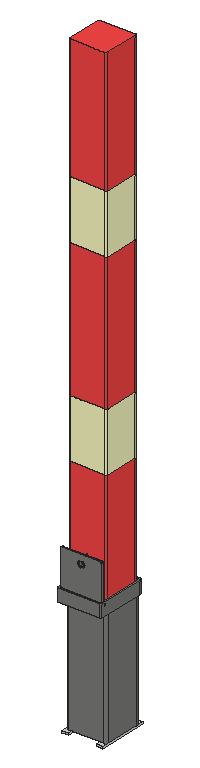
Revit family "Pilona Desmontable", category Furniture, Revit 2020
Family settings
  OmniClass Number = 23.40.20.00
  OmniClass Title = General Furniture and Specialties
  Work Plane-Based = No
  Always vertical = Yes
  Cut with Voids When Loaded = No
  Shared = No
  Room Calculation Point = No
Parameters (values of type "Pilona Desmontable-H207M-1-70mm")
  URL_Producto = "https://www.benito.com/es/mobiliario-urbano/bolardos-pilonas/desmontable--H207M.html"
  Type Comments = "n/a"
  Referencia = "H207M"
  Material = Acero Ferrus
  H1 = 0.210 m
  H = 0.990 m
  Ficha_Tecnica = "https://www.benito.com/es/download/data-sheet-H207M"
  Fabricante = "BENITO URBAN SL"
  Description = "Pilona fabricada en acero con tratamiento Ferrus, proceso protector del hierro que garantiza una óptima resistencia a la corrosión."
  Default Elevation = 0.000 m
  A = 0.070 m
Reference planes (m)
  plane 1 "Center (Front/Back)": y = 0
  plane 2: z = 0
  plane 3 "Center (Left/Right)": x = 0
  plane 4: z = 0.21
  plane 5: z = 0.99
  plane 6: x = -0.035
  plane 7: x = 0.035
Forms (m)
  Extrusion 1, solid, material "Steel"
    sketch origin (0, 0, 0) x (1, 0, 0) y (0, 1, 0)
      loop
        arc (-0.0275, 0.0325) -> (-0.031036, 0.031036) -> (-0.0325, 0.0275) r 0.005
        line (-0.0325, 0.0275) -> (-0.0325, -0.0275)
        arc (-0.0325, -0.0275) -> (-0.031036, -0.031036) -> (-0.0275, -0.0325) r 0.005
        line (-0.0275, -0.0325) -> (0.0275, -0.0325)
        arc (0.0275, -0.0325) -> (0.031036, -0.031036) -> (0.0325, -0.0275) r 0.005
        line (0.0325, -0.0275) -> (0.0325, 0.0275)
        arc (0.0325, 0.0275) -> (0.031036, 0.031036) -> (0.0275, 0.0325) r 0.005
        line (0.0275, 0.0325) -> (-0.0275, 0.0325)
      loop
        arc (-0.0275, 0.03) -> (-0.029268, 0.029268) -> (-0.03, 0.0275) r 0.0025
        line (-0.03, 0.0275) -> (-0.03, -0.0275)
        arc (-0.03, -0.0275) -> (-0.029268, -0.029268) -> (-0.0275, -0.03) r 0.0025
        line (-0.0275, -0.03) -> (0.0275, -0.03)
        arc (0.0275, -0.03) -> (0.029268, -0.029268) -> (0.03, -0.0275) r 0.0025
        line (0.03, -0.0275) -> (0.03, 0.0275)
        arc (0.03, 0.0275) -> (0.029268, 0.029268) -> (0.0275, 0.03) r 0.0025
        line (0.0275, 0.03) -> (-0.0275, 0.03)
    from 0.0025 to 0.192098
  Extrusion 2, solid
    sketch origin (0, 0, 0) x (1, 0, 0) y (0, 1, 0)
      loop
        line (0.0225, 0.04) -> (0.0225, -0.04) -> (0.0325, -0.04) -> (0.0325, 0.04) -> (0.0225, 0.04)
      loop
        line (-0.0225, 0.04) -> (-0.0325, 0.04) -> (-0.0325, -0.04) -> (-0.0225, -0.04) -> (-0.0225, 0.04)
    from 0 to 0.0025
  Extrusion 3, solid, material "Steel"
    sketch origin (0, 0, 0) x (1, 0, 0) y (0, 1, 0)
      loop
        arc (-0.03, 0.035) -> (-0.033536, 0.033536) -> (-0.035, 0.03) r 0.005
        line (-0.035, 0.03) -> (-0.035, -0.0455)
        arc (-0.035, -0.0455) -> (-0.034414, -0.046914) -> (-0.033, -0.0475) r 0.002
        line (-0.033, -0.0475) -> (0.033, -0.0475)
        arc (0.033, -0.0475) -> (0.034414, -0.046914) -> (0.035, -0.0455) r 0.002
        line (0.035, -0.0455) -> (0.035, 0.03)
        arc (0.035, 0.03) -> (0.033536, 0.033536) -> (0.03, 0.035) r 0.005
        line (0.03, 0.035) -> (-0.03, 0.035)
      loop
        arc (-0.0275, 0.0325) -> (-0.031036, 0.031036) -> (-0.0325, 0.0275) r 0.005
        line (-0.0325, 0.0275) -> (-0.0325, -0.043)
        arc (-0.0325, -0.043) -> (-0.031914, -0.044414) -> (-0.0305, -0.045) r 0.002
        line (-0.0305, -0.045) -> (0.0305, -0.045)
        arc (0.0305, -0.045) -> (0.031914, -0.044414) -> (0.0325, -0.043) r 0.002
        line (0.0325, -0.043) -> (0.0325, 0.0275)
        arc (0.0325, 0.0275) -> (0.031036, 0.031036) -> (0.0275, 0.0325) r 0.005
        line (0.0275, 0.0325) -> (-0.0275, 0.0325)
    from 0.19 to 0.21
  Extrusion 4, solid, material "Steel"
    sketch origin (0, 0, 0) x (1, 0, 0) y (0, 1, 0)
      loop
        arc (0.0305, -0.045) -> (0.031914, -0.044414) -> (0.0325, -0.043) r 0.002
        line (0.0325, -0.043) -> (0.0325, -0.0275)
        arc (0.0325, -0.0275) -> (0.031036, -0.031036) -> (0.0275, -0.0325) r 0.005
        line (0.0275, -0.0325) -> (-0.0275, -0.0325)
        arc (-0.0275, -0.0325) -> (-0.031036, -0.031036) -> (-0.0325, -0.0275) r 0.005
        line (-0.0325, -0.0275) -> (-0.0325, -0.043)
        arc (-0.0325, -0.043) -> (-0.031914, -0.044414) -> (-0.0305, -0.045) r 0.002
        line (-0.0305, -0.045) -> (0.0305, -0.045)
    from 0.19 to 0.192098
  Extrusion 5, solid, material "Steel"
    sketch origin (0, -0.002673, 0) x (1, 0, 0) y (0, 0, 1)
      loop
        line (-0.0325, 0.192098) -> (0.0325, 0.192098) -> (0.0325, 0.265098)
        arc (0.0325, 0.265098) -> (0.031914, 0.266513) -> (0.0305, 0.267098) r 0.002
        line (0.0305, 0.267098) -> (-0.0305, 0.267098)
        arc (-0.0305, 0.267098) -> (-0.031914, 0.266513) -> (-0.0325, 0.265098) r 0.002
        line (-0.0325, 0.265098) -> (-0.0325, 0.192098)
      loop
        circle (0, 0.253348) r 0.005
    from 0.0375 to 0.04
  Revolve 6, solid, material "Steel"
    sketch origin (0, -0.040173, 0) x (1, 0, 0) y (0, 0, 1)
      loop
        line (0.035, 0.208227) -> (0.035, 0.206864) -> (0.035884, 0.206864)
        arc (0.035884, 0.206864) -> (0.035649, 0.20768) -> (0.035, 0.208227) r 0.001463
      loop
        arc (-0.035, 0.208227) -> (-0.035649, 0.20768) -> (-0.035884, 0.206864) r 0.001463
        line (-0.035884, 0.206864) -> (-0.035, 0.206864) -> (-0.035, 0.208227)
      axis (-0.035884, 0.206864) -> (0.035884, 0.206864)
    angle from 0 to 360
  Revolve 7, solid, material "Steel"
    sketch origin (0, 0, 0) x (0, 1, 0) y (0, 0, 1)
      loop
        line (-0.042589, 0.25724) -> (-0.031, 0.25724) -> (-0.031, 0.253348) -> (-0.03, 0.253348) -> (-0.03, 0.25824) -> (-0.042589, 0.25824) -> (-0.042589, 0.25724)
      axis (-0.042589, 0.253348) -> (-0.03, 0.253348)
    angle from 0 to 360
  Extrusion 8, solid, material "Steel"
    sketch origin (0, 0, 0) x (1, 0, 0) y (0, 0, 1)
      loop
        arc (0.002485, 0.255294) -> (0, 0.255952) -> (-0.002485, 0.255294) r 0.005022
        line (-0.002485, 0.255294) -> (-0.002928, 0.254527)
        arc (-0.002928, 0.254527) -> (-0.00226, 0.252043) -> (-0.000443, 0.250224) r 0.00498
        line (-0.000443, 0.250224) -> (0.000443, 0.250224)
        arc (0.000443, 0.250224) -> (0.002261, 0.252043) -> (0.002928, 0.254527) r 0.004976
        line (0.002928, 0.254527) -> (0.002485, 0.255294)
    from 0.031 to 0.042589
  Extrusion 9, solid, material "Steel"
    sketch origin (0, 0, -0.0025) x (1, 0, 0) y (0, 1, 0)
      loop
        line (-0.03, 0.0275) -> (-0.03, -0.0275)
        arc (-0.03, -0.0275) -> (-0.029268, -0.029268) -> (-0.0275, -0.03) r 0.0025
        line (-0.0275, -0.03) -> (0.0275, -0.03)
        arc (0.0275, -0.03) -> (0.029268, -0.029268) -> (0.03, -0.0275) r 0.0025
        line (0.03, -0.0275) -> (0.03, 0.0275)
        arc (0.03, 0.0275) -> (0.029268, 0.029268) -> (0.0275, 0.03) r 0.0025
        line (0.0275, 0.03) -> (-0.0275, 0.03)
        arc (-0.0275, 0.03) -> (-0.029268, 0.029268) -> (-0.03, 0.0275) r 0.0025
    from 0.005 to 0.2005
  Extrusion 10, solid, material "Steel(1)"
    sketch origin (0, 0, 0.1955) x (1, 0, 0) y (0, 1, 0)
      loop
        line (-0.03, 0.0275) -> (-0.03, -0.0275)
        arc (-0.03, -0.0275) -> (-0.029268, -0.029268) -> (-0.0275, -0.03) r 0.0025
        line (-0.0275, -0.03) -> (0.0275, -0.03)
        arc (0.0275, -0.03) -> (0.029268, -0.029268) -> (0.03, -0.0275) r 0.0025
        line (0.03, -0.0275) -> (0.03, 0.0275)
        arc (0.03, 0.0275) -> (0.029268, 0.029268) -> (0.0275, 0.03) r 0.0025
        line (0.0275, 0.03) -> (-0.0275, 0.03)
        arc (-0.0275, 0.03) -> (-0.029268, 0.029268) -> (-0.03, 0.0275) r 0.0025
    from 0.0025 to 0.190182
  Extrusion 11, solid, material "Steel(1)"
    sketch origin (0, 0, 0.3935) x (1, 0, 0) y (0, 1, 0)
      loop
        line (-0.03, 0.0275) -> (-0.03, -0.0275)
        arc (-0.03, -0.0275) -> (-0.029268, -0.029268) -> (-0.0275, -0.03) r 0.0025
        line (-0.0275, -0.03) -> (0.0275, -0.03)
        arc (0.0275, -0.03) -> (0.029268, -0.029268) -> (0.03, -0.0275) r 0.0025
        line (0.03, -0.0275) -> (0.03, 0.0275)
        arc (0.03, 0.0275) -> (0.029268, 0.029268) -> (0.0275, 0.03) r 0.0025
        line (0.0275, 0.03) -> (-0.0275, 0.03)
        arc (-0.0275, 0.03) -> (-0.029268, 0.029268) -> (-0.03, 0.0275) r 0.0025
    from 0.086297 to 0.304385
  Extrusion 12, solid, material "Steel(2)"
    sketch origin (0, 0, 0.5915) x (1, 0, 0) y (0, 1, 0)
      loop
        line (-0.03, 0.0275) -> (-0.03, -0.0275)
        arc (-0.03, -0.0275) -> (-0.029268, -0.029268) -> (-0.0275, -0.03) r 0.0025
        line (-0.0275, -0.03) -> (0.0275, -0.03)
        arc (0.0275, -0.03) -> (0.029268, -0.029268) -> (0.03, -0.0275) r 0.0025
        line (0.03, -0.0275) -> (0.03, 0.0275)
        arc (0.03, 0.0275) -> (0.029268, 0.029268) -> (0.0275, 0.03) r 0.0025
        line (0.0275, 0.03) -> (-0.0275, 0.03)
        arc (-0.0275, 0.03) -> (-0.029268, 0.029268) -> (-0.03, 0.0275) r 0.0025
    from 0.106385 to 0.2005
  Extrusion 13, solid, material "Steel(1)"
    sketch origin (0, 0, 0.7895) x (1, 0, 0) y (0, 1, 0)
      loop
        line (-0.03, 0.0275) -> (-0.03, -0.0275)
        arc (-0.03, -0.0275) -> (-0.029268, -0.029268) -> (-0.0275, -0.03) r 0.0025
        line (-0.0275, -0.03) -> (0.0275, -0.03)
        arc (0.0275, -0.03) -> (0.029268, -0.029268) -> (0.03, -0.0275) r 0.0025
        line (0.03, -0.0275) -> (0.03, 0.0275)
        arc (0.03, 0.0275) -> (0.029268, 0.029268) -> (0.0275, 0.03) r 0.0025
        line (0.0275, 0.03) -> (-0.0275, 0.03)
        arc (-0.0275, 0.03) -> (-0.029268, 0.029268) -> (-0.03, 0.0275) r 0.0025
    from 0.0025 to 0.2005
  Extrusion 14, void
    sketch origin (0, 0, 0) x (1, 0, 0) y (0, 0, 1)
      loop
        arc (-0.001612, 0.250833) -> (0, 0.249221) -> (0.001612, 0.250833) r 0.001612
        line (0.001612, 0.250833) -> (0.001612, 0.260581)
        arc (0.001612, 0.260581) -> (0, 0.262192) -> (-0.001612, 0.260581) r 0.001612
        line (-0.001612, 0.260581) -> (-0.001612, 0.250833)
    from 0.027897 to 0.03
  Extrusion 15, solid, material "Steel(2)"
    sketch origin (0, 0, 0.279297) x (1, 0, 0) y (0, 1, 0)
      loop
        line (-0.03, 0.0275) -> (-0.03, -0.0275)
        arc (-0.03, -0.0275) -> (-0.029268, -0.029268) -> (-0.0275, -0.03) r 0.0025
        line (-0.0275, -0.03) -> (0.0275, -0.03)
        arc (0.0275, -0.03) -> (0.029268, -0.029268) -> (0.03, -0.0275) r 0.0025
        line (0.03, -0.0275) -> (0.03, 0.0275)
        arc (0.03, 0.0275) -> (0.029268, 0.029268) -> (0.0275, 0.03) r 0.0025
        line (0.0275, 0.03) -> (-0.0275, 0.03)
        arc (-0.0275, 0.03) -> (-0.029268, 0.029268) -> (-0.03, 0.0275) r 0.0025
    from 0.106385 to 0.2005
Cuts and joins
  Extrusion 14 cuts Extrusion 5
  Extrusion 14 cuts Extrusion 8
  Extrusion 14 cuts Extrusion 10
Dimensions and locks (m)
  "H1": plane 4 to level
  "H": plane 5 to level
  "A": plane 6 to plane 7
  aligned and locked: level to plane 2
Automatic sketch dimensions
  Extrusion 1 sketch curve to Extrusion 1 sketch curve = 0.000 m  (x8)
  plane 6 to Extrusion 1 sketch curve = 0.0025 m
  Extrusion 1 sketch curve to Extrusion 1 sketch curve = 0.0025 m  (x4)
  plane 7 to Extrusion 1 sketch curve = 0.0075 m  (x2)
  plane 1 "Center (Front/Back)" to Extrusion 1 sketch curve = 0.0325 m
  Extrusion 1 sketch curve to plane 1 "Center (Front/Back)" = 0.0275 m
  plane 6 to Extrusion 2 sketch curve = 0.0025 m
  Extrusion 2 sketch curve to Extrusion 2 sketch curve = 0.010 m
  plane 7 to Extrusion 2 sketch curve = 0.0125 m
  plane 7 to Extrusion 2 sketch curve = 0.0025 m
  plane 1 "Center (Front/Back)" to Extrusion 2 sketch curve = 0.040 m  (x2)
  Extrusion 2 sketch curve to plane 1 "Center (Front/Back)" = 0.040 m  (x2)
  Extrusion 3 sketch curve to plane 6 = 0.000 m
  Extrusion 3 sketch curve to plane 7 = 0.000 m
  Extrusion 3 sketch curve to Extrusion 3 sketch curve = 0.002 m  (x2)
  plane 6 to Extrusion 3 sketch curve = 0.0025 m
  Extrusion 3 sketch curve to Extrusion 3 sketch curve = 0.0025 m  (x5)
  plane 7 to Extrusion 3 sketch curve = 0.0075 m
  plane 7 to Extrusion 3 sketch curve = 0.0045 m
  plane 7 to Extrusion 3 sketch curve = 0.002 m
  plane 1 "Center (Front/Back)" to Extrusion 3 sketch curve = 0.0475 m
  Extrusion 3 sketch curve to Extrusion 3 sketch curve = 0.0005 m
  Extrusion 3 sketch curve to plane 1 "Center (Front/Back)" = 0.0275 m
  plane 6 to Extrusion 4 sketch curve = 0.0025 m
  Extrusion 4 sketch curve to Extrusion 4 sketch curve = 0.002 m  (x2)
  Extrusion 4 sketch curve to Extrusion 4 sketch curve = 0.005 m  (x3)
  plane 7 to Extrusion 4 sketch curve = 0.0075 m
  plane 7 to Extrusion 4 sketch curve = 0.0045 m
  plane 1 "Center (Front/Back)" to Extrusion 4 sketch curve = 0.045 m
  Extrusion 4 sketch curve to Extrusion 4 sketch curve = 0.0105 m
  Extrusion 4 sketch curve to Extrusion 4 sketch curve = 0.000 m  (x2)
  Extrusion 5 sketch curve to plane 3 "Center (Left/Right)" = 0.000 m
  plane 6 to Extrusion 5 sketch curve = 0.0045 m
  plane 6 to Extrusion 5 sketch curve = 0.0025 m
  plane 7 to Extrusion 5 sketch curve = 0.0045 m
  plane 7 to Extrusion 5 sketch curve = 0.0025 m
  Extrusion 5 sketch curve to plane 4 = 0.017902 m
  plane 4 to Extrusion 5 sketch curve = 0.043348 m
  Extrusion 5 sketch curve to Extrusion 5 sketch curve = 0.01175 m
  Revolve 6 sketch curve to plane 6 = 0.000 m
  plane 7 to Revolve 6 sketch curve = 0.000 m
  Revolve 6 sketch curve to Revolve 6 sketch curve = 0.000884 m  (x2)
  plane 6 to Revolve 6 sketch curve = 0.000578 m
  plane 7 to Revolve 6 sketch curve = 0.000578 m
  Revolve 6 sketch curve to plane 4 = 0.003136 m  (x3)
  Revolve 6 sketch curve to Revolve 6 sketch curve = 0.00002 m  (x2)
  Revolve 6 sketch curve to Revolve 6 sketch curve = 0.002581 m
  Revolve 6 sketch curve to Revolve 6 sketch curve = 0.008284 m
  plane 1 "Center (Front/Back)" to Revolve 7 sketch curve = 0.042589 m
  Revolve 7 sketch curve to Revolve 7 sketch curve = 0.011589 m
  Revolve 7 sketch curve to Revolve 7 sketch curve = 0.001 m  (x2)
  plane 4 to Revolve 7 sketch curve = 0.043348 m
  Revolve 7 sketch curve to Revolve 7 sketch curve = 0.003892 m
  Revolve 7 sketch curve to Revolve 7 sketch curve = 0.002416 m
  Revolve 7 sketch curve to Revolve 7 sketch curve = 0.006101 m
  Revolve 7 sketch curve to Revolve 7 sketch curve = 0.000 m
  Extrusion 8 sketch curve to plane 3 "Center (Left/Right)" = 0.000 m
  Extrusion 8 sketch curve to plane 3 "Center (Left/Right)" = 0.000443 m
  Extrusion 8 sketch curve to plane 3 "Center (Left/Right)" = 0.002049 m
  Extrusion 8 sketch curve to Extrusion 8 sketch curve = 0.000436 m
  Extrusion 8 sketch curve to Extrusion 8 sketch curve = 0.000879 m
  plane 3 "Center (Left/Right)" to Extrusion 8 sketch curve = 0.000443 m
  plane 3 "Center (Left/Right)" to Extrusion 8 sketch curve = 0.002052 m
  Extrusion 8 sketch curve to Extrusion 8 sketch curve = 0.000432 m
  Extrusion 8 sketch curve to Extrusion 8 sketch curve = 0.000875 m
  plane 4 to Extrusion 8 sketch curve = 0.040224 m
  Extrusion 8 sketch curve to Extrusion 8 sketch curve = 0.000706 m
  Extrusion 8 sketch curve to Extrusion 8 sketch curve = 0.003598 m
  Extrusion 8 sketch curve to Extrusion 8 sketch curve = 0.000004 m
  Extrusion 8 sketch curve to Extrusion 8 sketch curve = 0.000763 m
  plane 6 to Extrusion 9 sketch curve = 0.005 m
  Extrusion 9 sketch curve to Extrusion 9 sketch curve = 0.0025 m  (x3)
  plane 7 to Extrusion 9 sketch curve = 0.0075 m  (x2)
  plane 1 "Center (Front/Back)" to Extrusion 9 sketch curve = 0.030 m
  Extrusion 9 sketch curve to plane 1 "Center (Front/Back)" = 0.0275 m
  plane 6 to Extrusion 10 sketch curve = 0.005 m
  Extrusion 10 sketch curve to Extrusion 10 sketch curve = 0.0025 m  (x3)
  plane 7 to Extrusion 10 sketch curve = 0.0075 m  (x2)
  plane 1 "Center (Front/Back)" to Extrusion 10 sketch curve = 0.030 m
  Extrusion 10 sketch curve to plane 1 "Center (Front/Back)" = 0.0275 m
  plane 6 to Extrusion 11 sketch curve = 0.005 m
  Extrusion 11 sketch curve to Extrusion 11 sketch curve = 0.0025 m  (x3)
  plane 7 to Extrusion 11 sketch curve = 0.0075 m  (x2)
  plane 1 "Center (Front/Back)" to Extrusion 11 sketch curve = 0.030 m
  Extrusion 11 sketch curve to plane 1 "Center (Front/Back)" = 0.0275 m
  plane 6 to Extrusion 12 sketch curve = 0.005 m
  Extrusion 12 sketch curve to Extrusion 12 sketch curve = 0.0025 m  (x3)
  plane 7 to Extrusion 12 sketch curve = 0.0075 m  (x2)
  plane 1 "Center (Front/Back)" to Extrusion 12 sketch curve = 0.030 m
  Extrusion 12 sketch curve to plane 1 "Center (Front/Back)" = 0.0275 m
  plane 6 to Extrusion 13 sketch curve = 0.005 m
  Extrusion 13 sketch curve to Extrusion 13 sketch curve = 0.0025 m  (x3)
  plane 7 to Extrusion 13 sketch curve = 0.0075 m  (x2)
  plane 1 "Center (Front/Back)" to Extrusion 13 sketch curve = 0.030 m
  Extrusion 13 sketch curve to plane 1 "Center (Front/Back)" = 0.0275 m
  Extrusion 14 sketch curve to plane 3 "Center (Left/Right)" = 0.000 m
  Extrusion 14 sketch curve to plane 3 "Center (Left/Right)" = 0.001612 m
  plane 4 to Extrusion 14 sketch curve = 0.040833 m
  Extrusion 14 sketch curve to Extrusion 14 sketch curve = 0.009748 m
  plane 6 to Extrusion 15 sketch curve = 0.005 m
  Extrusion 15 sketch curve to Extrusion 15 sketch curve = 0.0025 m  (x3)
  plane 7 to Extrusion 15 sketch curve = 0.0075 m  (x2)
  plane 1 "Center (Front/Back)" to Extrusion 15 sketch curve = 0.030 m
  Extrusion 15 sketch curve to plane 1 "Center (Front/Back)" = 0.0275 m
  radius of Extrusion 5 sketch curve = 0.005 m
